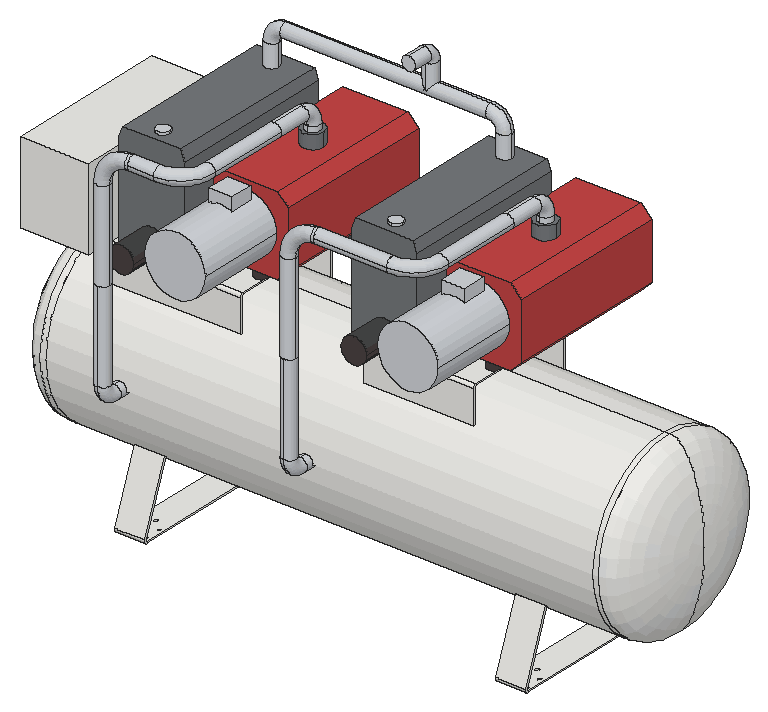
Revit family "HOSPIVAC 2 EVISA", category Equipement de génie climatique, Revit 2018 (continued)
Definition of nested family "EVISA"
  Types (13, lengths in mm): name | ØSILENTB. | ØFILTRE_HUILE | ØCOUDE_REFOUL. | ØBRIDE | REFOUL_E40-100.R+SILENTB_N°5 | SILENTB_N°2 | SILENTB_N°1 | VISIBILITE_BRIDE | RAY_COUDE_REFOUL. | PUISS_ELECT | PUISSANCE_APPARENTE | PROF.VIDANGE | ZONE_MAINT_50 | POIDS(Kg) | NIVEAU_SONORE(dB(A)) | NEUTRE | LONG_ZONE_MAINT | LONG_OFFSET_SILENTB_E25/100.R | LARG_REFOUL_E25/100.R | LARG_OFFSET_VIDANGE | LARG_OFFSET_SILENTB_E25/100.R | LARGEUR | HAUT_REFOUL_E25/100.R | HAUT_REFOUL. | HAUT_OFFSET_VIDANGE | LONGUEUR | LARG_OFFSET_MOT_ELECT. | LARG_OFFSET_FILTRE | LARG_OFFSET_CORPS | OFFSET_BOITE_REFOUL. | LONG_OFFSET_REFOUL | LONG_OFFSET_CORPS | LONG_OFFSET_BRIDE | LONG_OFFSET_BOITE_BORNE | LONG_MOT_ELECT. | LONG_FILTRE_HUILE | LONG_ENTRAXE_SILENTB. | LONG_CORPS | LONG_BOITE_REFOUL. | ØMOT_ELECT. | LONG_BOITE_BORNE | LARG_OFFSET_OIL | LARG_OFFSET_COUDE_REFOUL. | LARG_OFFSET_BRIDE | LARG_OFFSET_BOITE_BORNE | LARG_ENTRAXE_SILENTB. | LARG_CORPS | LARG_BOITE_REFOUL. | LARG_BOITE_BORNE | HAUT_SILENTB. | LONG_REFOUL. | HAUT_BOITE_REFOUL. | HAUT_MOT_ELECT. | HAUT_FILTRE_HUILE | HAUT_CORPS | HAUT_BRIDE | HAUT_BOITE_BORNE | HAUTEUR | DIAM_REFOUL_VIDE | DIAM_ASPI_VIDE | DESCR_REFOUL | DESCR_ASPI | DESCR_ALIM_ELECT | DEBIT_REFOUL_VIDE | DEBIT_ASPI_VIDE | COUDE_REFOUL | CORPS | CHANF.CORPS | CHANF.REF.V
    f - E100.R | 30 | 76 | 15 | 60 | yes | yes | no | no | 12 | 2.2 kW | 2444.44 VA | 51.3 | 120 | 67.2 | 67 | no | 1097 | 200.5 | 50 | 63.5 | 235.8 | 331 | 60 | 248 | 43.5 | 697 | 8.5 | 62 | 99 | 49.223 | 498 | 571 | 351 | 411 | 686 | 76 | 351 | 49 | 567.5 | 215 | 110 | 55.5 | 79.5 | 97 | 55 | 205 | 207 | 124 | 110 | 23 | 20 | 285 | 127 | 65.5 | 180 | 279 | 253 | 285 | 32 | 32 | "Refoulement Vide ; 100 m³/h ; G 1\"1/4 FEM" | "Aspiration Vide ; 100 m³/h ; G 1\"1/4 FEM" | "Alimentation électrique, 4G1.5mm²" | 100.0 m³/h | 100.0 m³/h | no | no | 36 | 25
  Reference planes
    plane 1 "Centre (avant/arrière)": y = 0
    plane 2: z = 0
    plane 3 "Centre (gauche/droite)": x = 0
    plane 4: x = -545
    plane 5: x = -545
    plane 6: x = -245
    plane 7 "POS.SILENTB": y = -253.5
    plane 8: x = 187
    plane 9 "HAUTEUR SILENTB": z = 21
    plane 10: y = -275.7
    plane 11: y = -103.5
    plane 12 "FACE": y = 24.5
    plane 13: x = -67
    plane 14: x = 245
    plane 15: x = 251
    plane 16: x = 300
    plane 17 "GAUCHE": x = -146.5
    plane 18 "HAUTEUR FILTRE": z = 65.5
    plane 19 "HAUTEUR CORPS": z = 180
    plane 20 "HAUTEUR BOITE REFOUL": z = 257
    plane 21: x = -143
    plane 22 "OFFSET_FILT_HUILE": y = -37.5
    plane 23 "HAUTEUR MOTEUR": z = 115.5
    plane 24 "HAUTEUR BOITE BORNE": z = 237
    plane 25: x = 72
    plane 26: x = -13
    plane 27: y = -138.7
    plane 28: y = -223.7
    plane 29 "OFFSET_BRIDE": y = -190.7
    plane 30: x = 159
    plane 31 "HAUTEUR BRIDE": z = 228
    plane 32 "Refoulement": x = 214
    plane 33 "REFOULEMENT": y = -122.5
    plane 34 "HAUTEUR REFOUL": z = 225
    plane 35 "LG_REFOULEMENT": x = 245
    plane 36: x = -23
    plane 37 "OFFSET_LARG_MOT_ELECT.": y = -181.2
    plane 38 "OFFSET_LARG_VIDANGE": y = -38.8
    plane 39 "OFFSET_HAUT_VIDANGE": z = 38.5
    plane 40 "PROF.VIDANGE": x = 282
    plane 41 "HAUT_OFFSET_BRIDE": z = 225
    plane 42 "EPAISSEUR_BRIDE": z = 208
    plane 43 "HAUTEUR_REFOUL_E25/100.R": z = 202
    plane 44 "LARGEUR_REFOUL_E25/100.R": y = -151
    plane 45 "LARG_OFFSET_SILENTB_E25/100.R": x = 104.587
    plane 46: y = -253.5
    plane 47 "HAUT_ZONE_MAINT": z = 388
    plane 48 "ZONE_MAINT1": y = 224.5
    plane 49 "ZONE_MAINT2": y = -675.7
    plane 50 "ZONE_MAINT4": x = 696.5
    plane 51 "ZONE_MAINT3": x = -346.5
    plane 52 "BAS": z = 0
  Forms (mm)
    Extrusion 1, solid, not visible
      sketch origin (-671.698, -1524, 268) x (-1, 0, 0) y (0, -1, 0)
        loop
          circle (-126.698, -1132) r 25
      from 0 to 17
    Extrusion 2, solid, not visible
      sketch origin (-671.698, -1524, 268) x (-1, 0, 0) y (0, -1, 0)
        loop
          circle (-126.698, -1132) r 25
      from 0 to 17
    Extrusion 3, solid, not visible
      sketch origin (-371.698, -1524, 268) x (-1, 0, 0) y (0, -1, 0)
        loop
          circle (-126.698, -1132) r 25
      from 0 to 17
    Extrusion 4, solid
      sketch origin (-642.909, 391.084, 0) x (0.819152, -0.573576, 0) y (0.573576, 0.819152, 0)
        loop
          circle (750.957, 48.4) r 15
      from 0 to 21
    Extrusion 5, solid
      sketch origin (-411.344, 387.129, 0) x (0.819152, -0.573576, 0) y (0.573576, 0.819152, 0)
        loop
          circle (712.183, 26.079) r 15
      from 0 to 21
    Extrusion 6, solid, visible <- "SILENTB_N°1"
      sketch origin (-642.909, 46.084, 0) x (0.819152, -0.573576, 0) y (0.573576, 0.819152, 0)
        loop
          circle (698.474, 123.352) r 15
      from 0 to 21
    Extrusion 7, solid, visible <- "SILENTB_N°2"
      sketch origin (-384.128, 47.671, 0) x (0.819152, -0.573576, 0) y (0.573576, 0.819152, 0)
        loop
          circle (640.585, 80.881) r 15
      from 0 to 21
    Extrusion 8, solid, visible <- "CORPS"
      sketch origin (300, -181.5, 1200) x (0, 1, 0) y (0, 0, 1)
        loop
          line (78, -1179) -> (78, -1020) -> (-58.2, -1020) -> (-94.2, -1056) -> (-94.2, -1143) -> (-58.2, -1179) -> (78, -1179)
      from -49 to 0
    Extrusion 9, solid
      sketch origin (245, 313.535, 1200) x (0, 1, 0) y (0, 0, 1)
        loop
          line (-417.035, -948) -> (-417.035, -1179) -> (-289.035, -1179) -> (-289.035, -948) -> (-302.035, -943) -> (-404.035, -943) -> (-417.035, -948)
      from 0 to -312
    Extrusion 10, solid
      sketch origin (-67, 275.881, 1200) x (0, 1, 0) y (0, 0, 1)
        loop
          circle (-313.381, -1134.5) r 38
      from 0 to -76
    Extrusion 11, solid
      sketch origin (-67, 275.881, 1200) x (0, 1, 0) y (0, 0, 1)
        loop
          circle (-457.081, -1084.5) r 94.5
      from 318 to -79.5
    Extrusion 12, solid
      sketch origin (0, -298.805, 362) x (0, 1, 0) y (-1, 0, 0)
        loop
          line (160.105, 13) -> (75.105, 13) -> (75.105, -72) -> (160.105, -72) -> (160.105, 13)
      from -125 to -246.5
    Extrusion 13, solid
      sketch origin (0, -298.805, 237) x (0, 1, 0) y (-1, 0, 0)
        loop
          circle (108.105, -159) r 25
      from -9 to -57
    Sweep 14, solid, visible <- "COUDE_REFOUL"
      path origin (400.091, -122.5, 1200) x (-1, 0, 0) y (0, 0, 1)
        loop
          line (186.091, -1020) -> (186.091, -999)
          arc (186.091, -999) -> (179.061, -982.029) -> (162.091, -975) r 24
          line (162.091, -975) -> (155.091, -975)
      profile origin (214, -122.5, 190.5) x (1, 0, 0) y (0, 1, 0)
        loop
          circle (0, 0) r 15
    Extrusion 15, solid, visible <- "SILENTB_N°1"
      sketch origin (0, 84.824, 257) x (0, 1, 0) y (-1, 0, 0)
        loop
          circle (-207.324, 23) r 24.25
      from 0 to 7
    Extrusion 16, solid
      sketch origin (245, 313.535, 1200) x (0, 1, 0) y (0, 0, 1)
        loop
          circle (-352.335, -1161.5) r 15
      from 0 to 37
    Extrusion 17, solid, visible <- "VISIBILITE_BRIDE"
      sketch origin (146.61, -1524, 357) x (-1, 0, 0) y (0, -1, 0)
        loop
          circle (-12.39, -1333.3) r 100
      from -132 to -149
    Extrusion 18, void
      sketch origin (146.61, -1524, 225) x (0, -1, 0) y (-1, 0, 0)
        loop
          circle (-1407.207, 18.224) r 9
        loop
          circle (-1363.9, 61.51) r 9
        loop
          circle (-1407.2, -42.99) r 9
        loop
          circle (-1363.9, -86.29) r 9
        loop
          circle (-1302.7, 61.51) r 9
        loop
          circle (-1302.7, -86.29) r 9
        loop
          circle (-1259.4, 18.21) r 9
        loop
          circle (-1259.4, -42.99) r 9
      from -3 to 17
    Extrusion 19, solid, visible <- "REFOUL_E40-100.R+SILENTB_N°5"
      sketch origin (245, 313.535, 1200) x (0, 1, 0) y (0, 0, 1)
        loop
          line (-417.035, -998) -> (-417.035, -948) -> (-404.035, -943) -> (-444.535, -943)
          arc (-444.535, -943) -> (-458.677, -948.858) -> (-464.535, -963) r 20
          line (-464.535, -963) -> (-464.535, -978)
          arc (-464.535, -978) -> (-458.677, -992.142) -> (-444.535, -998) r 20
          line (-444.535, -998) -> (-417.035, -998)
      from 0 to -58
    Extrusion 20, solid, visible <- "REFOUL_E40-100.R+SILENTB_N°5"
      sketch origin (0, 0, 0) x (1, 0, 0) y (0, 1, 0)
        loop
          circle (104.587, -253.5) r 15
      from 0 to 115.5
    Extrusion 21, solid, visible <- "ZONE_MAINTENANCE"
      sketch origin (0, 0, 0) x (1, 0, 0) y (0, 1, 0)
        loop
          line (-346.5, 224.5) -> (-346.5, -675.7) -> (696.5, -675.7) -> (696.5, 224.5) -> (-346.5, 224.5)
      from 0 to 388
  Cuts and joins
    joined: Extrusion 11, Extrusion 12
    Extrusion 18 cuts Extrusion 17
  Dimensions and locks
    "LONG_ENTRAXE_SILENTB.": plane 8 to plane 3 "Centre (gauche/droite)"
    "LARG_ENTRAXE_SILENTB.": plane 7 "POS.SILENTB" to plane 1 "Centre (avant/arrière)"
    "HAUT_SILENTB.": plane 9 "HAUTEUR SILENTB" to level
    "LARG_BOITE_REFOUL.": plane 12 "FACE" to plane 11
    "LARG_OFFSET_CORPS": plane 7 "POS.SILENTB" to plane 10
    "LARG_CORPS": plane 11 to plane 10
    "LONG_BOITE_REFOUL.": plane 13 to plane 14
    "OFFSET_BOITE_REFOUL.": plane 13 to plane 3 "Centre (gauche/droite)"
    "LONG_CORPS": plane 15 to plane 16
    "LONG_MOT_ELECT.": plane 17 "GAUCHE" to plane 15
    "CHANF.CORPS": Extrusion 8 sketch curve to Extrusion 8 sketch curve  (x4)
    "HAUT_FILTRE_HUILE": plane 18 "HAUTEUR FILTRE" to level
    "HAUT_CORPS": plane 19 "HAUTEUR CORPS" to level
    "HAUT_BOITE_REFOUL.": plane 20 "HAUTEUR BOITE REFOUL" to level
    locked: Extrusion 9 sketch curve to Extrusion 9 sketch curve at 13  (x2)
    "CHANF.REF.V": Extrusion 9 sketch curve to Extrusion 9 sketch curve  (x2)
    "LARG_OFFSET_FILTRE": plane 12 "FACE" to plane 22 "OFFSET_FILT_HUILE"
    "HAUT_MOT_ELECT.": plane 23 "HAUTEUR MOTEUR" to level
    "HAUT_BOITE_BORNE": plane 24 "HAUTEUR BOITE BORNE" to level
    "LARG_BOITE_BORNE": plane 27 to plane 28
    "LONG_BOITE_BORNE": plane 26 to plane 25
    "LONG_OFFSET_BOITE_BORNE": plane 25 to plane 15
    "LONG_OFFSET_CORPS": plane 3 "Centre (gauche/droite)" to plane 16
    "LONG_OFFSET_BRIDE": plane 3 "Centre (gauche/droite)" to plane 30
    "HAUT_BRIDE": plane 31 "HAUTEUR BRIDE" to level
    "LONG_OFFSET_REFOUL": plane 3 "Centre (gauche/droite)" to plane 32 "Refoulement"
    "LARG_OFFSET_COUDE_REFOUL.": plane 33 "REFOULEMENT" to plane 7 "POS.SILENTB"
    "LONG_REFOUL.": plane 32 "Refoulement" to plane 35 "LG_REFOULEMENT"
    "LARG_OFFSET_OIL": plane 13 to plane 36
    "LARG_OFFSET_MOT_ELECT.": plane 37 "OFFSET_LARG_MOT_ELECT." to plane 7 "POS.SILENTB"
    "LARG_OFFSET_BOITE_BORNE": plane 27 to plane 37 "OFFSET_LARG_MOT_ELECT."
    "HAUT_OFFSET_VIDANGE": plane 39 "OFFSET_HAUT_VIDANGE" to level
    "LARG_OFFSET_VIDANGE": plane 38 "OFFSET_LARG_VIDANGE" to plane 12 "FACE"
    "PROF.VIDANGE": plane 14 to plane 40 "PROF.VIDANGE"
    "LONG_FILTRE_HUILE": plane 21 to plane 13
    "LARG_OFFSET_BRIDE": plane 29 "OFFSET_BRIDE" to plane 10
    locked: plane 41 "HAUT_OFFSET_BRIDE" to plane 42 "EPAISSEUR_BRIDE" at 17
    locked: Extrusion 18 sketch curve to plane 30 at 30.613
    locked: plane 29 "OFFSET_BRIDE" to Extrusion 18 sketch curve at 73.907
    locked: Extrusion 18 sketch curve to plane 30 at 73.9  (x2)
    locked: plane 29 "OFFSET_BRIDE" to Extrusion 18 sketch curve at 30.6
    locked: plane 29 "OFFSET_BRIDE" to Extrusion 18 sketch curve at 73.9
    locked: plane 30 to Extrusion 18 sketch curve at 30.6
    plane 29 "OFFSET_BRIDE" to Extrusion 18 sketch curve = 30.6 mm
    plane 30 to Extrusion 18 sketch curve = 73.9 mm
    locked: Extrusion 18 sketch curve to plane 29 "OFFSET_BRIDE" at 30.6  (x2)
    locked: Extrusion 18 sketch curve to plane 30 at 30.6
    locked: Extrusion 18 sketch curve to plane 29 "OFFSET_BRIDE" at 73.9  (x2)
    plane 30 to Extrusion 18 sketch curve = 30.6 mm
    locked: plane 30 to Extrusion 18 sketch curve at 73.9
    locked: plane 31 "HAUTEUR BRIDE" to plane 41 "HAUT_OFFSET_BRIDE" at 3
    "LARG_REFOUL_E25/100.R": plane 44 "LARGEUR_REFOUL_E25/100.R" to plane 11
    "HAUT_REFOUL_E25/100.R": plane 43 "HAUTEUR_REFOUL_E25/100.R" to plane 20 "HAUTEUR BOITE REFOUL"
    "LONG_OFFSET_SILENTB_E25/100.R": plane 3 "Centre (gauche/droite)" to plane 45 "LARG_OFFSET_SILENTB_E25/100.R"
    "LARG_OFFSET_SILENTB_E25/100.R": plane 1 "Centre (avant/arrière)" to plane 46
    "ZONE_MAINT_200": plane 51 "ZONE_MAINT3" to plane 17 "GAUCHE"
    "ZONE_MAINT_200": plane 48 "ZONE_MAINT1" to plane 12 "FACE"
    "ZONE_MAINT_400": plane 10 to plane 49 "ZONE_MAINT2"
    "ZONE_MAINT_50": plane 47 "HAUT_ZONE_MAINT" to plane 20 "HAUTEUR BOITE REFOUL"
    "HAUT_REFOUL.": plane 34 "HAUTEUR REFOUL" to level
    "LONG_ZONE_MAINT": plane 17 "GAUCHE" to plane 50 "ZONE_MAINT4"
    radius of Extrusion 1 sketch curve = 25 mm
    radius of Extrusion 2 sketch curve = 25 mm
    radius of Extrusion 3 sketch curve = 25 mm
    "ØSILENTB.": diameter of Extrusion 4 sketch curve
    "ØSILENTB.": diameter of Extrusion 5 sketch curve
    "ØSILENTB.": diameter of Extrusion 6 sketch curve
    "ØSILENTB.": diameter of Extrusion 7 sketch curve
    "ØFILTRE_HUILE": diameter of Extrusion 10 sketch curve
    "ØMOT_ELECT.": diameter of Extrusion 11 sketch curve
    "ØBRIDE": diameter of Extrusion 13 sketch curve
    "ØCOUDE_REFOUL.": diameter of Sweep 14 sketch curve
    "RAY_COUDE_REFOUL.": radius of Sweep 14 sketch curve
    "ØBOUCH_OIL": diameter of Extrusion 15 sketch curve
    "ØVIDANGE": diameter of Extrusion 16 sketch curve
    diameter of Extrusion 17 sketch curve = 200 mm
    diameter of Extrusion 18 sketch curve = 18 mm  (x8)
    radius of Extrusion 19 sketch curve = 20 mm  (x2)
    "ØSILENTB.": diameter of Extrusion 20 sketch curve
    aligned and locked: level to plane 2
    aligned and locked: Extrusion 4 to level
    aligned and locked: plane 9 "HAUTEUR SILENTB" to Extrusion 4
    aligned and locked: plane 8 to Extrusion 5 sketch curve
    aligned and locked: plane 1 "Centre (avant/arrière)" to Extrusion 5 sketch curve
    aligned and locked: plane 1 "Centre (avant/arrière)" to Extrusion 4 sketch curve
    aligned and locked: plane 3 "Centre (gauche/droite)" to Extrusion 4 sketch curve
    aligned and locked: plane 3 "Centre (gauche/droite)" to Extrusion 6 sketch curve
    aligned and locked: plane 7 "POS.SILENTB" to Extrusion 6 sketch curve
    aligned and locked: plane 8 to Extrusion 7 sketch curve
    aligned and locked: plane 7 "POS.SILENTB" to Extrusion 7 sketch curve
    aligned and locked: plane 9 "HAUTEUR SILENTB" to Extrusion 7
    aligned and locked: Extrusion 4 to Extrusion 7
    aligned and locked: Extrusion 5 to Extrusion 4
    aligned and locked: Extrusion 6 to Extrusion 4
    aligned and locked: Extrusion 6 to level
    aligned and locked: Extrusion 7 to level
    aligned and locked: Extrusion 5 to level
    aligned and locked: plane 9 "HAUTEUR SILENTB" to Extrusion 8 sketch curve
    aligned and locked: Extrusion 8 sketch curve to plane 11
    aligned and locked: Extrusion 8 sketch curve to plane 19 "HAUTEUR CORPS"
    aligned and locked: plane 10 to Extrusion 8 sketch curve
    aligned and locked: plane 16 to Extrusion 8
    aligned and locked: Extrusion 8 to plane 15
    aligned and locked: Extrusion 9 sketch curve to plane 9 "HAUTEUR SILENTB"
    aligned and locked: Extrusion 9 sketch curve to plane 11
    aligned and locked: Extrusion 9 sketch curve to plane 12 "FACE"
    aligned and locked: Extrusion 9 sketch curve to plane 20 "HAUTEUR BOITE REFOUL"
    aligned and locked: Extrusion 9 to plane 14
    aligned and locked: Extrusion 9 to plane 13
    aligned and locked: plane 18 "HAUTEUR FILTRE" to Extrusion 10 sketch curve
    aligned and locked: plane 22 "OFFSET_FILT_HUILE" to Extrusion 10 sketch curve
    aligned and locked: Extrusion 10 to plane 21
    aligned and locked: plane 23 "HAUTEUR MOTEUR" to Extrusion 11 sketch curve
    aligned and locked: plane 15 to Extrusion 11
    aligned and locked: Extrusion 11 to plane 17 "GAUCHE"
    aligned and locked: plane 27 to Extrusion 12 sketch curve
    aligned and locked: plane 26 to Extrusion 12 sketch curve
    aligned and locked: Extrusion 12 sketch curve to plane 28
    aligned and locked: Extrusion 12 sketch curve to plane 25
    aligned and locked: plane 24 "HAUTEUR BOITE BORNE" to Extrusion 12
    aligned and locked: Extrusion 12 to plane 23 "HAUTEUR MOTEUR"
    aligned and locked: Extrusion 13 sketch curve to plane 29 "OFFSET_BRIDE"
    aligned and locked: plane 30 to Extrusion 13 sketch curve
    aligned and locked: Extrusion 13 to plane 31 "HAUTEUR BRIDE"
    aligned and locked: Extrusion 13 to plane 19 "HAUTEUR CORPS"
    aligned and locked: profile plane to Sweep 14 sketch curve  (x2)
    aligned and locked: Sweep 14 sketch curve to plane 34 "HAUTEUR REFOUL"
    aligned and locked: Sweep 14 sketch curve to plane 32 "Refoulement"
    aligned and locked: plane 35 "LG_REFOULEMENT" to Sweep 14 sketch curve
    aligned and locked: plane 36 to Extrusion 15 sketch curve
    aligned and locked: plane 37 "OFFSET_LARG_MOT_ELECT." to Extrusion 11 sketch curve
    aligned and locked: Extrusion 16 sketch curve to plane 38 "OFFSET_LARG_VIDANGE"
    aligned and locked: Extrusion 16 sketch curve to plane 39 "OFFSET_HAUT_VIDANGE"
    aligned and locked: Extrusion 16 to plane 40 "PROF.VIDANGE"
    aligned and locked: plane 33 "REFOULEMENT" to Extrusion 15 sketch curve
    aligned and locked: Extrusion 17 sketch curve to plane 29 "OFFSET_BRIDE"
    aligned and locked: plane 30 to Extrusion 17 sketch curve
    aligned and locked: Extrusion 17 to plane 42 "EPAISSEUR_BRIDE"
    aligned and locked: plane 31 "HAUTEUR BRIDE" to Extrusion 18
    aligned and locked: Extrusion 18 to plane 42 "EPAISSEUR_BRIDE"
    aligned and locked: plane 41 "HAUT_OFFSET_BRIDE" to Extrusion 17
    aligned and locked: Extrusion 19 sketch curve to plane 43 "HAUTEUR_REFOUL_E25/100.R"
    aligned and locked: plane 20 "HAUTEUR BOITE REFOUL" to Extrusion 19 sketch curve
    aligned and locked: Extrusion 19 sketch curve to Extrusion 9  (x2)
    aligned and locked: Extrusion 19 sketch curve to plane 44 "LARGEUR_REFOUL_E25/100.R"
    aligned and locked: Extrusion 19 to plane 8
    aligned and locked: plane 23 "HAUTEUR MOTEUR" to Extrusion 20
    aligned and locked: plane 45 "LARG_OFFSET_SILENTB_E25/100.R" to Extrusion 20 sketch curve
    aligned and locked: plane 46 to Extrusion 20 sketch curve
    aligned and locked: Extrusion 21 to level
    aligned and locked: plane 48 "ZONE_MAINT1" to Extrusion 21
    aligned and locked: Extrusion 21 to plane 51 "ZONE_MAINT3"
    aligned and locked: Extrusion 21 to plane 49 "ZONE_MAINT2"
    aligned and locked: Extrusion 21 to plane 50 "ZONE_MAINT4"
    aligned and locked: Extrusion 21 to plane 47 "HAUT_ZONE_MAINT"
    aligned and locked: level to plane 52 "BAS"
    aligned and locked: plane 19 "HAUTEUR CORPS" to Sweep 14 sketch curve
  Automatic sketch dimensions
    Extrusion 21 sketch curve to plane 21 = 203.5 mm
    plane 16 to Extrusion 21 sketch curve = 396.5 mm
    Extrusion 21 sketch curve to plane 10 = 400 mm
    plane 12 "FACE" to Extrusion 21 sketch curve = 200 mm
  Connectors
    electrical at (29.5, -223.7, 218.452), driven by "TENSION_ALIM", driven by "PUISSANCE_APPARENTE", driven by "DESCR_ALIM_ELECT"
      settings: on cut or joined group of Extrusion 11, Extrusion 12, index 1, voltage 400 V, apparent load 1222.22 VA, apparent load phase1 0 VA, apparent load phase2 0 VA, apparent load phase3 0 VA, power factor 1, load classification none, number of poles 3, system type 30, power factor state 1, is connector primary yes, connector utility yes, sub classification motor no, connector description "Alimentation électrique, 4G1.5mm²"
    piping at (245, -122.5, 225), diameter 25, driven by "DIAM_REFOUL_VIDE", driven by "DESCR_ASPI", driven by "DEBIT_REFOUL_VIDE"
      settings: on Sweep 14, index 2, connector inside diameter 609.6 mm, connector length 0 mm, flow factor 0, pipe flow 44.0 m³/h, pressure drop 0.0 Pa, fitting loss kfactor 0, connector angle 0.00°, fixture units 0, engagement length 0 mm, angle of deflection 0.00°, flow configuration 0, flow direction 2, fitting loss method 0, system type 22, joint type 0, gender type 0, connector reference index -1, connector utility 1, adjustable connector no, is connector primary yes, connector description "Aspiration Vide ; 44 m³/h ; G 1\" FEM"
    piping at (159, -190.7, 228), diameter 25, driven by "DIAM_ASPI_VIDE", driven by "DEBIT_ASPI_VIDE", driven by "DESCR_ASPI"
      settings: on Extrusion 13, index 3, connector inside diameter 609.6 mm, connector length 0 mm, flow factor 0, pipe flow 44.0 m³/h, pressure drop 0.0 Pa, fitting loss kfactor 0, connector angle 0.00°, fixture units 0, engagement length 0 mm, angle of deflection 0.00°, flow configuration 0, flow direction 1, fitting loss method 0, system type 22, joint type 0, gender type 0, connector reference index -1, connector utility 1, adjustable connector no, is connector primary no, connector description "Aspiration Vide ; 44 m³/h ; G 1\" FEM"
Types (8, lengths in mm): name | ØVIROLE | ØPOT_FILTRE | ØFILTRE | ØCANA | TAILLE_POMPE | PUISS_ELECT_2 | PUISS_ELECT | PUISS_APPARENTE_2 | PUISS_APPARENTE | POIDS(Kg) | OFFSET_LONG_REFOUL | OFFSET_LONG_PPE_2 | OFFSET_LONG_PPE | OFFSET_LONG_FILTRE2 | OFFSET_LONG_FILTRE1 | OFFSET_LONG_CANA_ASPI | OFFSET_LARG_REFOUL | OFFSET_HAUT_SELLETTE | OFFSET_EVISA300 | OFFSET_COUDE_CANA_FILTRE | OFFSET2_LARG_ZONE_MAINT | OFFSET1_LARG_ZONE_MAINT | NIVEAU_SONORE(dB(A)) | LONG_FOND | LONGUEUR | LARGEUR | HAUT_TETE_FILTRE | HAUT_CANA_FILTRE | HAUTEUR | ENTRAXE_CANA_ASPI | OFFSET_LARG_PPE | OFFSET_LARG_FILTRE | OFFSET_LARG_ASPI_PPE | LONG_SELLETTE_2 | LONG_SELLETTE_1 | LONG_OFFSET_REFOUL | OFFSET_LONG_CANA_REFOUL | LONG_ENTRAXE_PIED | LG_VIROLE | HAUT_VIROLE | OFFSET_HAUT_FILTRE | HAUT_REFOUL | HAUT_FILTRE | HAUT_CANA_REFOUL | HAUT_ASPI | ENTRAXE_SELLETTE | DIAM_REFOUL_VIDE | DIAM_ASPI_VIDE | DESCR_REFOUL | DESCR_ASPI | DESCR_ALIM_Y | DESCR_ALIM_X | DEGAG_CALORIFIQUE(kJ/h) | DEBIT_REFOUL_VIDE | DEBIT_ASPI_VIDE
  (no name) | 650 | 150 | 180 | 50 | EVISA : h - E200.R | 4 kW | 4 kW | 4444.44 VA | 4444.44 VA | 565 | 221 | 940 | 90 | 40 | 650 | 414.5 | 310.5 | 860 | 0 | 230 | 625 | 690 | 71 | 145 | 2300 | 970 | 104 | 30 | 1560 | 680 | 432 | 410 | 150 | 400 | 510 | 270 | 1314 | 1500 | 2000 | 155 | 750 | 1530 | 410 | 1410 | 1290 | 450 | 50 | 50 | "Refoulement Vide ; 2x200 m³/h ; G 2\"MAL" | "Aspiration Vide ; 2x200 m³/h ; G 2\"FEM" | "Alimentation Y ; 5G2.5mm²" | "Alimentation X ; 5G2.5mm²" | "33074" | 400.0 m³/h | 400.0 m³/h
  e - HOSPIVAC 2 E150.R | 650 | 150 | 190 | 50 | EVISA : g - E150.R | 3 kW | 3 kW | 3333.33 VA | 3333.33 VA | 585 | 221 | 940 | 90 | 40 | 605 | 414.5 | 309 | 860 | 0 | 230 | 625 | 695 | 69 | 145 | 2300 | 970 | 104 | 40 | 1560 | 680 | 496 | 415 | 150 | 400 | 510 | 230 | 1314 | 1500 | 2000 | 155 | 750 | 1530 | 410 | 1410 | 1290 | 450 | 50 | 50 | "Refoulement Vide ; 2x132 m³/h ; G 2\"MAL" | "Aspiration Vide ; 2x132 m³/h ; G 2\"FEM" | "Alimentation Y ; 5G2.5mm²" | "Alimentation X ; 5G2.5mm²" | "24805" | 264.0 m³/h | 264.0 m³/h
  f - HOSPIVAC 2 E200.R | 650 | 150 | 180 | 50 | EVISA : h - E200.R | 4 kW | 4 kW | 4444.44 VA | 4444.44 VA | 565 | 221 | 940 | 90 | 40 | 650 | 414.5 | 310.5 | 860 | 0 | 230 | 625 | 690 | 71 | 145 | 2300 | 970 | 104 | 30 | 1560 | 680 | 432 | 410 | 150 | 400 | 510 | 270 | 1314 | 1500 | 2000 | 155 | 750 | 1530 | 410 | 1410 | 1290 | 450 | 50 | 50 | "Refoulement Vide ; 2x200 m³/h ; G 2\"MAL" | "Aspiration Vide ; 2x200 m³/h ; G 2\"FEM" | "Alimentation Y ; 5G2.5mm²" | "Alimentation X ; 5G2.5mm²" | "33074" | 400.0 m³/h | 400.0 m³/h
  g - HOSPIVAC 2 E300.R | 650 | 150 | 180 | 50 | EVISA : i - E300.R | 5.5 kW | 5.5 kW | 6111.11 VA | 6111.11 VA | 600 | 221 | 940 | 90 | 40 | 650 | 414.5 | 321.5 | 860 | 105 | 230 | 730 | 690 | 72 | 145 | 2300 | 1070 | 104 | 30 | 1560 | 680 | 530 | 410 | 200 | 400 | 510 | 270 | 1314 | 1500 | 2000 | 155 | 750 | 1530 | 410 | 1410 | 1290 | 450 | 50 | 50 | "Refoulement Vide ; 2x300 m³/h ; G 2\"MAL" | "Aspiration Vide ; 2x300 m³/h ; G 2\"FEM" | "Alimentation Y ; 5G2.5mm²" | "Alimentation X ; 5G2.5mm²" | "45476" | 600.0 m³/h | 600.0 m³/h
  d - HOSPIVAC 2 E100.R | 650 | 120 | 130 | 32 | EVISA : f - E100.R | 2.2 kW | 2.2 kW | 2444.44 VA | 2444.44 VA | 390 | 221 | 1029 | 180 | 40 | 650 | 414.5 | 312 | 860 | 0 | 230 | 616 | 665 | 67 | 145 | 2300 | 880 | 80 | 30 | 1350 | 680 | 350 | 410 | 150 | 400 | 510 | 119 | 1436 | 1500 | 2000 | 155 | 733 | 1315 | 430 | 1225 | 1205 | 450 | 32 | 32 | "Refoulement Vide ; 2x100 m³/h ; G 1\"1/4 MAL" | "Aspiration Vide ; 2x100 m³/h ; G 1\"1/4 FEM" | "Alimentation Y ; 5G1.5mm²" | "Alimentation X ; 5G1.5mm²" | "18190" | 200.0 m³/h | 200.0 m³/h
  c - HOSPIVAC 2 E65.R | 650 | 100 | 115 | 32 | EVISA : e - E65.R | 1.5 kW | 1.5 kW | 1666.67 VA | 1666.67 VA | 385 | 221 | 1029 | 180 | 40 | 650 | 414.5 | 273.5 | 860 | 0 | 230 | 616 | 657.5 | 67 | 145 | 2300 | 880 | 104 | 20 | 1350 | 680 | 340 | 410 | 150 | 400 | 510 | 200 | 1437.5 | 1500 | 2000 | 155 | 720 | 1315 | 420 | 1235 | 1205 | 450 | 32 | 32 | "Refoulement Vide ; 2x68 m³/h ; G 1\"1/4 MAL" | "Aspiration Vide ; 2x68 m³/h ; G 1\"1/4 FEM" | "Alimentation Y ; 5G1.5mm²" | "Alimentation X ; 5G1.5mm²" | "12403" | 136.0 m³/h | 136.0 m³/h
  b- HOSPIVAC 2 E40.R | 600 | 90 | 114 | 25 | EVISA : d - E40.R | 1.1 kW | 1.1 kW | 1222.22 VA | 1222.22 VA | 250 | 200 | 842 | 110 | 300 | 370 | 354.5 | 149 | 795 | 0 | 145 | 612.5 | 657 | 58 | 134.5 | 1780 | 830 | 60 | 20 | 1200 | 500 | 211.5 | 370 | 150 | 310 | 405 | 150 | 1234 | 1180 | 1490 | 142 | 640 | 1180 | 465 | 1110 | 1085 | 420 | 25 | 25 | "Refoulement Vide ; 2x44 m³/h ; G 1\" MAL" | "Aspiration Vide ; 2x44 m³/h ; G 1\" FEM" | "Alimentation Y ; 5G1.5mm²" | "Alimentation X ; 5G1.5mm²" | "9095" | 88.0 m³/h | 88.0 m³/h
  a - HOSPIVAC 2 E25.R | 600 | 90 | 114 | 25 | EVISA : b - E25.R | 0.75 kW | 0.75 kW | 833.333 VA | 833.333 VA | 240 | 200 | 842 | 110 | 300 | 370 | 354.5 | 149 | 795 | 0 | 145 | 612.5 | 657 | 59 | 134.5 | 1780 | 830 | 60 | 20 | 1200 | 500 | 211.5 | 370 | 150 | 310 | 405 | 150 | 1234 | 1180 | 1490 | 142 | 640 | 1180 | 465 | 1110 | 1085 | 420 | 25 | 25 | "Refoulement Vide ; 2x28 m³/h ; G 1\" MAL" | "Aspiration Vide ; 2x28 m³/h ; G 1\" FEM" | "Alimentation Y ; 5G1.5mm²" | "Alimentation X ; 5G1.5mm²" | "6201" | 56.0 m³/h | 56.0 m³/h
